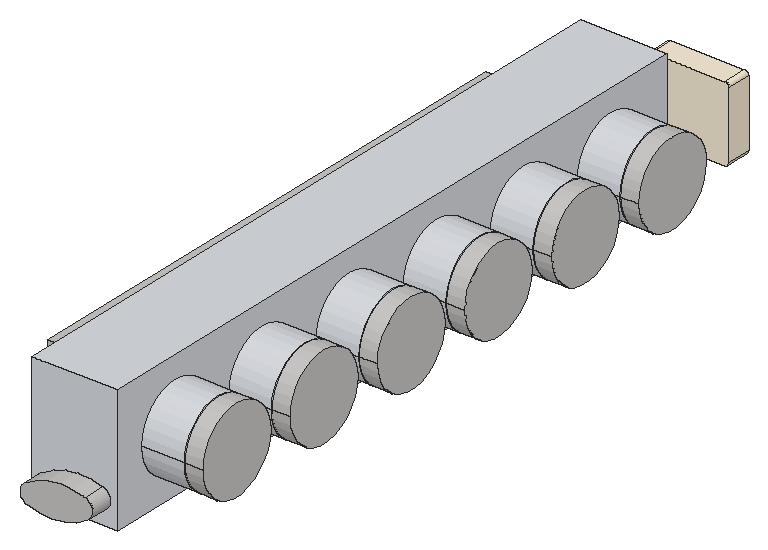
Revit family "HVAC_Ductwork_Airzone_Motorized-Plenum_Galletti_Standard_6-Dampers", category Mechanical Equipment, Revit 2016
Family settings
  Part Type = Normal
  Round Connector Dimension = Use Diameter
  OmniClass Number = 23.75.70.14
  OmniClass Title = Air Ductwork
  Work Plane-Based = No
  Always vertical = Yes
  Cut with Voids When Loaded = No
  Shared = No
  Room Calculation Point = No
Parameters (values of type "GALST01L6")
  Voltage = 230 V
  URL = "www.airzone.es"
  Type Image Comments = "Image available in product documentation download"  # constant formula
  Revit Model Version = "1.0"  # constant formula
  Revit Model Author URL = "www.a3d.es"
  Revit Model Author = "A3D Consulting"  # constant formula
  Product Documentation Download URL = "http://doc.airzone.es/BIM/Easyzone/Galleti-Airzone_motorized_plenum.zip"
  Product Comments = "Refer to technical documentation for further details"  # constant formula
  Power Factor = 1
  Neck Width = 1307.600 mm
  Neck Length = 95.000 mm
  Neck Height = 116.600 mm
  Material = Metal - AIRZONE - Galvanized Sheet - Semi-polished
  Main Control Board Material = Plastic - AIRZONE - Smooth - Off-white
  Load Classification = Other
  Insulated Body Width = 205.000 mm  # constant formula
  Insulated Body Material = Metal -AIRZONE - Insulating Lining -Aluminum Finish
  Insulated Body Length = 1638.600 mm  # constant formula
  Insulated Body Height = 300.000 mm  # constant formula
  Flow [instance] = Damper 6 Air Flow + Damper 5 Air Flow + Damper 4 Air Flow + Damper 3 Air Flow + Damper 2 Air Flow + Damper 1 Air Flow - Fresh Air Inlet 2 Flow - Fresh Air Inlet 1 Flow  # 1800 m³/h
  Fresh Air Inlet 1 Flow [instance] = 0 m³/h
  Fresh Air Inlet 2 Flow [instance] = 0 m³/h
  Fresh Air Inlet Connection Width = 175.000 mm
  Fresh Air Inlet Connection Height = 75.000 mm
  Model = "GALST01L6"
  Neck Side Offset = 165.500 mm
  Neck Bottom Offset = 112.700 mm
  Type Image = <None>
  Manufacturer = "AIRZONE"  # constant formula
  Main Control Board Depth = 57.000 mm  # constant formula
  Main Control Board Width = 195.000 mm  # constant formula
  Main Control Board Height = 180.000 mm  # constant formula
  Fixing = ""
  Disclaimer = "All information provided in this model is reviewed before being published. However, Airzone cannot guarantee this model is error-free, therefore users are strongly encouraged to check for technical documentation and updates"  # constant formula
  Description = "Airzone standard motorized plenum with neck that mechanically adapts to the main ducted AC units of Galletti."
  Type Comments = ""
  Dampers Length = 149.000 mm  # constant formula
  Dampers Diameter = 200.000 mm  # constant formula
  Damper 6 Air Flow [instance] = 300 m³/h
  Damper 5 Air Flow [instance] = 300 m³/h
  Damper 4 Air Flow [instance] = 300 m³/h
  Damper 1 Air Flow [instance] = 300 m³/h
  Damper 2 Air Flow [instance] = 300 m³/h
  Damper 3 Air Flow [instance] = 300 m³/h
  Fresh Air Inlet Connection Offset Height = 48.305 mm  # constant formula
  Compatible Accesories = ""
  Apparent Load = 57.5 VA
Reference planes
  plane 1 "Center (Front/Back)": y = 0
  plane 2 "Center (Elevation)": z = 0
  plane 3 "Center (Left/Right)": x = 0
  plane 4 "Neck Back": y = 653.8
  plane 5 "Neck Front": y = -653.8
  plane 6 "Neck Top": z = 58.3
  plane 7 "Neck Bottom": z = -58.3
  plane 8 "Left": x = 95
  plane 9 "Bottom": z = -171
  plane 10 "Top": z = 129
  plane 11 "Front": y = -819.3
  plane 12 "Back": y = 819.3
  plane 13 "Right": x = 300
  plane 14 "Dampers Front": x = 449
  plane 15 "Dampers Center (Elevation)": z = -21
  plane 16 "Damper3": y = 130
  plane 17 "Damper2": y = 390
  plane 18 "Damper1": y = 650
  plane 19 "Middle": y = 0
  plane 20 "FreshAir Center (Elevation)": z = -122.695
  plane 21 "FreshAir1": y = 871.8
  plane 22 "FreshAir2": y = -871.8
  plane 23 "Dampers Lining": x = 404
  plane 24 "FreshAir Vertical Axis": x = 195.83
  plane 25 "ConnectionBox Side": x = 254
  plane 26 "Main Control Board Center (Left/Right)": x = 351.5
  plane 27 "Damper4": y = -130
  plane 28 "Damper5": y = -390
  plane 29 "Damper6": y = -650
Forms (mm)
  Extrusion 1, solid, material "Metal - AIRZONE - Galvanized Sheet - Semi-polished" <- "Material"
    sketch origin (0, 0, 0) x (0, 1, 0) y (0, 0, 1)
      loop
        line (-653.8, 58.3) -> (-653.8, -58.3) -> (653.8, -58.3) -> (653.8, 58.3) -> (-653.8, 58.3)
    from 0 to 95
  Extrusion 2, solid, material "Metal -AIRZONE - Insulating Lining -Aluminum Finish" <- "Insulated Body Material"
    sketch origin (95, 0, 0) x (0, 1, 0) y (0, 0, 1)
      loop
        line (-819.3, 129) -> (-819.3, -171) -> (819.3, -171) -> (819.3, 129) -> (-819.3, 129)
    from 0 to 205
  Extrusion 3, solid, material "Metal - AIRZONE - Galvanized Sheet - Semi-polished" <- "Material"
    sketch origin (300, 0, 0) x (0, 1, 0) y (0, 0, 1)
      loop
        circle (130, -21) r 100
    from 104 to 149
  Extrusion 4, solid, material "Metal - AIRZONE - Galvanized Sheet - Semi-polished" <- "Material"
    sketch origin (300, 0, 0) x (0, 1, 0) y (0, 0, 1)
      loop
        circle (390, -21) r 100
    from 104 to 149
  Extrusion 5, solid, material "Metal - AIRZONE - Galvanized Sheet - Semi-polished" <- "Material"
    sketch origin (300, 0, 0) x (0, 1, 0) y (0, 0, 1)
      loop
        circle (650, -21) r 100
    from 104 to 149
  Extrusion 6, solid, material "Metal - AIRZONE - Galvanized Sheet - Semi-polished" <- "Material"
    sketch origin (0, -819.3, 0) x (0, 0, 1) y (1, 0, 0)
      loop
        arc (-90.141, 265.204) -> (-111.608, 282.105) -> (-136.312, 270.434) r 25.96
        arc (-136.312, 270.434) -> (-162.302, 200.598) -> (-154.849, 126.456) r 164.67
        arc (-154.849, 126.456) -> (-133.665, 109.589) -> (-108.994, 120.751) r 25.96
        arc (-108.994, 120.751) -> (-82.725, 190.78) -> (-90.141, 265.204) r 164.67
    from 0 to -52.5
  Extrusion 7, solid, material "Metal - AIRZONE - Galvanized Sheet - Semi-polished" <- "Material"
    sketch origin (0, 819.3, 0) x (0, 0, 1) y (1, 0, 0)
      loop
        arc (-90.141, 265.204) -> (-111.325, 282.071) -> (-135.996, 270.909) r 25.96
        arc (-135.996, 270.909) -> (-162.179, 201.53) -> (-155.267, 127.699) r 164.67
        arc (-155.267, 127.699) -> (-134.032, 109.637) -> (-108.678, 121.226) r 25.96
        arc (-108.678, 121.226) -> (-82.688, 191.062) -> (-90.141, 265.204) r 164.67
    from 0 to 52.5
  Extrusion 8, solid, material "Metal -AIRZONE - Insulating Lining -Aluminum Finish" <- "Insulated Body Material"
    sketch origin (300, 0, 0) x (0, 1, 0) y (0, 0, 1)
      loop
        circle (650, -21) r 100
    from 0 to 104
  Extrusion 9, solid, material "Metal -AIRZONE - Insulating Lining -Aluminum Finish" <- "Insulated Body Material"
    sketch origin (300, -260, 0) x (0, 1, 0) y (0, 0, 1)
      loop
        circle (650, -21) r 100
    from 0 to 104
  Extrusion 10, solid, material "Metal -AIRZONE - Insulating Lining -Aluminum Finish" <- "Insulated Body Material"
    sketch origin (300, -520, 0) x (0, 1, 0) y (0, 0, 1)
      loop
        circle (650, -21) r 100
    from 0 to 104
  Extrusion 11, solid, material "Metal - AIRZONE - Galvanized Sheet - Semi-polished" <- "Material"
    sketch origin (300, -190, 0) x (0, 1, 0) y (0, 0, 1)
      loop
        circle (60, -21) r 100
    from 104 to 149
  Extrusion 12, solid, material "Metal -AIRZONE - Insulating Lining -Aluminum Finish" <- "Insulated Body Material"
    sketch origin (300, -710, 0) x (0, 1, 0) y (0, 0, 1)
      loop
        circle (580, -21) r 100
    from 0 to 104
  Extrusion 13, solid, material "Metal -AIRZONE - Insulating Lining -Aluminum Finish" <- "Insulated Body Material"
    sketch origin (300, -970, 0) x (0, 1, 0) y (0, 0, 1)
      loop
        circle (580, -21) r 100
    from 0 to 104
  Extrusion 14, solid, material "Metal - AIRZONE - Galvanized Sheet - Semi-polished" <- "Material"
    sketch origin (300, -450, 0) x (0, 1, 0) y (0, 0, 1)
      loop
        circle (60, -21) r 100
    from 104 to 149
  Extrusion 15, solid, material "Metal -AIRZONE - Insulating Lining -Aluminum Finish" <- "Insulated Body Material"
    sketch origin (300, -1230, 0) x (0, 1, 0) y (0, 0, 1)
      loop
        circle (580, -21) r 100
    from 0 to 104
  Extrusion 16, solid, material "Metal - AIRZONE - Galvanized Sheet - Semi-polished" <- "Material"
    sketch origin (300, -710, 0) x (0, 1, 0) y (0, 0, 1)
      loop
        circle (60, -21) r 100
    from 104 to 149
Lines and regions (mm)
  Masking region 1
    outline origin (0, 0, 0) x (1, 0, 0) y (0, 1, 0)
      loop
        line (95, 819.3) -> (95, -819.3) -> (300, -819.3) -> (300, 819.3) -> (95, 819.3)
  Masking region 2, detail levels medium+fine
    outline origin (0, 0, 0) x (1, 0, 0) y (0, 1, 0)
      loop
        line (0, 653.8) -> (0, -653.8) -> (95, -653.8) -> (95, 653.8) -> (0, 653.8)
  Masking region 3, detail levels medium+fine
    outline origin (0, 0, 0) x (1, 0, 0) y (0, 1, 0)
      loop
        line (300, 230) -> (300, 30) -> (449, 30) -> (449, 230) -> (300, 230)
  Masking region 4, detail levels medium+fine
    outline origin (0, 260, 0) x (1, 0, 0) y (0, 1, 0)
      loop
        line (300, 230) -> (300, 30) -> (449, 30) -> (449, 230) -> (300, 230)
  Masking region 5, detail levels medium+fine
    outline origin (0, 520, 0) x (1, 0, 0) y (0, 1, 0)
      loop
        line (300, 230) -> (300, 30) -> (449, 30) -> (449, 230) -> (300, 230)
  Masking region 6, detail levels medium+fine
    outline origin (0, 0, -122.695) x (1, 0, 0) y (0, 1, 0)
      loop
        line (108.33, 871.8) -> (108.33, 819.3) -> (283.33, 819.3) -> (283.33, 871.8) -> (108.33, 871.8)
  Masking region 7, detail levels medium+fine
    outline origin (0, 0, -122.695) x (1, 0, 0) y (0, 1, 0)
      loop
        line (108.33, -819.3) -> (108.33, -871.8) -> (283.33, -871.8) -> (283.33, -819.3) -> (108.33, -819.3)
  Masking region 8, detail levels medium+fine
    outline origin (0, 0, 129) x (0, -1, 0) y (1, 0, 0)
      loop
        line (-876.3, 254) -> (-819.3, 254) -> (-819.3, 449) -> (-876.3, 449) -> (-876.3, 254)
  Masking region 9, detail levels medium+fine
    outline origin (0, -190, 0) x (1, 0, 0) y (0, 1, 0)
      loop
        line (300, 160) -> (300, -40) -> (449, -40) -> (449, 160) -> (300, 160)
  Masking region 10, detail levels medium+fine
    outline origin (0, -450, 0) x (1, 0, 0) y (0, 1, 0)
      loop
        line (300, 160) -> (300, -40) -> (449, -40) -> (449, 160) -> (300, 160)
  Masking region 11, detail levels medium+fine
    outline origin (0, -710, 0) x (1, 0, 0) y (0, 1, 0)
      loop
        line (300, 160) -> (300, -40) -> (449, -40) -> (449, 160) -> (300, 160)
  symbolic lines, detail levels coarse
    curve 1: line (95, -819.3, 0) -> (300, 130, 0)
    curve 2: line (300, 130, 0) -> (95, 819.3, 0)
Dimensions and locks
  equal spacing: plane 4 "Neck Back", plane 1 "Center (Front/Back)", plane 5 "Neck Front"
  "Neck Width": plane 4 "Neck Back" to plane 5 "Neck Front"
  equal spacing: plane 6 "Neck Top", level, plane 7 "Neck Bottom"
  "Neck Height": plane 6 "Neck Top" to plane 7 "Neck Bottom"
  "Neck Length": plane 3 "Center (Left/Right)" to plane 8 "Left"
  "Neck Bottom Offset": plane 7 "Neck Bottom" to plane 9 "Bottom"
  "Insulated Body Height": plane 10 "Top" to plane 9 "Bottom"
  "Insulated Body Length": plane 12 "Back" to plane 11 "Front"
  "Insulated Body Width": plane 8 "Left" to plane 13 "Right"
  "Dampers Length": plane 13 "Right" to plane 14 "Dampers Front"
  equal spacing: plane 10 "Top", plane 15 "Dampers Center (Elevation)", plane 9 "Bottom"
  equal spacing: plane 12 "Back", plane 19 "Middle", plane 11 "Front"
  plane 8 "Left" to plane 13 "Right" = 205.000 mm
  "Fresh Air Inlet Connection Offset Height": plane 20 "FreshAir Center (Elevation)" to plane 9 "Bottom"
  locked: Extrusion 6 sketch curve to plane 9 "Bottom" at 56.47
  locked: plane 13 "Right" to Extrusion 6 sketch curve at 43.69
  locked: plane 13 "Right" to Extrusion 6 sketch curve at 164.65
  locked: Extrusion 6 sketch curve to plane 9 "Bottom" at 40.54
  locked: plane 13 "Right" to Extrusion 6 sketch curve at 87.91
  locked: plane 9 "Bottom" to Extrusion 6 sketch curve at 75.01
  locked: plane 13 "Right" to Extrusion 6 sketch curve at 120.43
  locked: Extrusion 6 sketch curve to plane 9 "Bottom" at 172.02
  locked: plane 13 "Right" to Extrusion 7 sketch curve at 43.69
  locked: Extrusion 7 sketch curve to plane 9 "Bottom" at 56.47
  locked: Extrusion 7 sketch curve to plane 9 "Bottom" at 40.54
  locked: plane 13 "Right" to Extrusion 7 sketch curve at 164.65
  locked: plane 13 "Right" to Extrusion 7 sketch curve at 120.43
  locked: Extrusion 7 sketch curve to plane 9 "Bottom" at 172.02
  locked: plane 9 "Bottom" to Extrusion 7 sketch curve at 75.01
  locked: plane 13 "Right" to Extrusion 7 sketch curve at 87.91
  "Neck Side Offset": plane 12 "Back" to plane 4 "Neck Back"
  locked: plane 21 "FreshAir1" to plane 12 "Back" at 52.5
  plane 11 "Front" to plane 22 "FreshAir2" = 52.500 mm
  locked: connector elem to plane 13 "Right" at 104.17
  locked: plane 20 "FreshAir Center (Elevation)" to connector elem
  locked: plane 13 "Right" to connector elem at 104.17
  locked: connector elem to plane 20 "FreshAir Center (Elevation)"
  locked: plane 23 "Dampers Lining" to plane 14 "Dampers Front" at 45
  locked: plane 24 "FreshAir Vertical Axis" to plane 13 "Right" at 104.17
  equal spacing: Masking region 3 sketch curve, plane 16 "Damper3", Masking region 3 sketch curve
  "Dampers Diameter": Masking region 3 sketch curve to Masking region 3 sketch curve
  "Dampers Diameter": Masking region 4 sketch curve to Masking region 4 sketch curve
  equal spacing: Masking region 5 sketch curve, plane 18 "Damper1", Masking region 5 sketch curve
  "Dampers Diameter": Masking region 5 sketch curve to Masking region 5 sketch curve
  equal spacing: Masking region 6 sketch curve, plane 24 "FreshAir Vertical Axis", Masking region 6 sketch curve
  "Fresh Air Inlet Connection Width": Masking region 6 sketch curve to Masking region 6 sketch curve
  equal spacing: Masking region 7 sketch curve, plane 24 "FreshAir Vertical Axis", Masking region 7 sketch curve
  "Fresh Air Inlet Connection Width": Masking region 7 sketch curve to Masking region 7 sketch curve
  "Main Control Board Depth": Masking region 8 sketch curve to plane 12 "Back"
  "Main Control Board Width": plane 25 "ConnectionBox Side" to plane 14 "Dampers Front"
  equal spacing: plane 25 "ConnectionBox Side", plane 26 "Main Control Board Center (Left/Right)", plane 14 "Dampers Front"
  locked: nested 1 to plane 10 "Top" at 10
  equal spacing: Masking region 4 sketch curve, plane 17 "Damper2", Masking region 4 sketch curve
  equal spacing: Masking region 9 sketch curve, plane 27 "Damper4", Masking region 9 sketch curve
  "Dampers Diameter": Masking region 9 sketch curve to Masking region 9 sketch curve
  plane 18 "Damper1" to plane 17 "Damper2" to plane 16 "Damper3" to plane 27 "Damper4" to plane 28 "Damper5" to plane 29 "Damper6" = 260.000 mm locked, 260.000 mm locked, 260.000 mm locked, 260.000 mm locked, 260.000 mm locked
  locked: plane 16 "Damper3" to plane 19 "Middle" at 130
  equal spacing: Masking region 10 sketch curve, plane 28 "Damper5", Masking region 10 sketch curve
  "Dampers Diameter": Masking region 10 sketch curve to Masking region 10 sketch curve
  equal spacing: Masking region 11 sketch curve, plane 29 "Damper6", Masking region 11 sketch curve
  "Dampers Diameter": Masking region 11 sketch curve to Masking region 11 sketch curve
  "Dampers Diameter": diameter of Extrusion 3 sketch curve
  "Dampers Diameter": diameter of Extrusion 4 sketch curve
  "Dampers Diameter": diameter of Extrusion 5 sketch curve
  radius of Extrusion 7 sketch curve = 164.670 mm  (x2)
  radius of Extrusion 7 sketch curve = 25.960 mm  (x2)
  radius of Extrusion 6 sketch curve = 164.670 mm  (x2)
  radius of Extrusion 6 sketch curve = 25.960 mm  (x2)
  "Dampers Diameter": diameter of Extrusion 8 sketch curve
  "Dampers Diameter": diameter of Extrusion 9 sketch curve
  "Dampers Diameter": diameter of Extrusion 10 sketch curve
  "Dampers Diameter": diameter of Extrusion 11 sketch curve
  "Dampers Diameter": diameter of Extrusion 12 sketch curve
  "Dampers Diameter": diameter of Extrusion 13 sketch curve
  "Dampers Diameter": diameter of Extrusion 14 sketch curve
  "Dampers Diameter": diameter of Extrusion 15 sketch curve
  "Dampers Diameter": diameter of Extrusion 16 sketch curve
  aligned and locked: level to plane 2 "Center (Elevation)"
  aligned and locked: plane 5 "Neck Front" to Extrusion 1 sketch curve
  aligned and locked: Extrusion 1 sketch curve to plane 6 "Neck Top"
  aligned and locked: Extrusion 1 sketch curve to plane 4 "Neck Back"
  aligned and locked: plane 7 "Neck Bottom" to Extrusion 1 sketch curve
  aligned and locked: Extrusion 1 to plane 3 "Center (Left/Right)"
  aligned and locked: Extrusion 2 sketch curve to plane 10 "Top"
  aligned and locked: Extrusion 2 sketch curve to plane 12 "Back"
  aligned and locked: Extrusion 2 sketch curve to plane 9 "Bottom"
  aligned and locked: plane 11 "Front" to Extrusion 2 sketch curve
  aligned and locked: Extrusion 2 to plane 13 "Right"
  aligned and locked: Extrusion 2 to plane 8 "Left"
  aligned and locked: plane 16 "Damper3" to Extrusion 3 sketch curve
  aligned and locked: plane 15 "Dampers Center (Elevation)" to Extrusion 3 sketch curve
  aligned and locked: plane 15 "Dampers Center (Elevation)" to Extrusion 4 sketch curve
  aligned and locked: plane 18 "Damper1" to Extrusion 5 sketch curve
  aligned and locked: plane 15 "Dampers Center (Elevation)" to Extrusion 5 sketch curve
  aligned and locked: plane 14 "Dampers Front" to Extrusion 5
  aligned and locked: plane 14 "Dampers Front" to Extrusion 4
  aligned and locked: plane 14 "Dampers Front" to Extrusion 3
  aligned and locked: plane 8 "Left" to Extrusion 1
  aligned and locked: plane 22 "FreshAir2" to Extrusion 6
  aligned and locked: plane 21 "FreshAir1" to Extrusion 7
  aligned and locked: Extrusion 7 to plane 12 "Back"
  aligned and locked: plane 11 "Front" to Extrusion 6
  aligned and locked: Extrusion 5 to plane 23 "Dampers Lining"
  aligned and locked: Extrusion 5 to Extrusion 4
  aligned and locked: Extrusion 4 to Extrusion 3
  aligned and locked: plane 23 "Dampers Lining" to Extrusion 8
  aligned and locked: Extrusion 10 to plane 13 "Right"
  aligned and locked: plane 23 "Dampers Lining" to Extrusion 10
  aligned and locked: Extrusion 9 to plane 13 "Right"
  aligned and locked: plane 23 "Dampers Lining" to Extrusion 9
  aligned and locked: Extrusion 8 to plane 13 "Right"
  aligned and locked: Extrusion 9 to Extrusion 8
  aligned and locked: plane 18 "Damper1" to Extrusion 8 sketch curve
  aligned and locked: plane 15 "Dampers Center (Elevation)" to Extrusion 8 sketch curve
  aligned and locked: plane 15 "Dampers Center (Elevation)" to Extrusion 9 sketch curve
  aligned and locked: plane 16 "Damper3" to Extrusion 10 sketch curve
  aligned and locked: plane 15 "Dampers Center (Elevation)" to Extrusion 10 sketch curve
  aligned and locked: Masking region 1 sketch curve to plane 12 "Back"
  aligned and locked: Masking region 1 sketch curve to plane 8 "Left"
  aligned and locked: Masking region 1 sketch curve to plane 13 "Right"
  aligned and locked: plane 11 "Front" to Masking region 1 sketch curve
  aligned and locked: plane 5 "Neck Front" to Masking region 2 sketch curve
  aligned and locked: plane 3 "Center (Left/Right)" to Masking region 2 sketch curve
  aligned and locked: Masking region 2 sketch curve to plane 4 "Neck Back"
  aligned and locked: Masking region 2 sketch curve to plane 8 "Left"
  aligned and locked: plane 13 "Right" to Masking region 3 sketch curve
  aligned and locked: Masking region 3 sketch curve to plane 14 "Dampers Front"
  aligned and locked: plane 13 "Right" to Masking region 4 sketch curve
  aligned and locked: Masking region 4 sketch curve to plane 14 "Dampers Front"
  aligned and locked: plane 13 "Right" to Masking region 5 sketch curve
  aligned and locked: Masking region 5 sketch curve to plane 14 "Dampers Front"
  aligned and locked: plane 12 "Back" to Masking region 6 sketch curve
  aligned and locked: Masking region 6 sketch curve to plane 21 "FreshAir1"
  aligned and locked: Masking region 7 sketch curve to plane 11 "Front"
  aligned and locked: Masking region 7 sketch curve to plane 22 "FreshAir2"
  aligned and locked: plane 12 "Back" to Masking region 8 sketch curve
  aligned and locked: Masking region 8 sketch curve to plane 14 "Dampers Front"
  aligned and locked: plane 25 "ConnectionBox Side" to Masking region 8 sketch curve
  aligned and locked: plane 17 "Damper2" to Extrusion 9 sketch curve
  aligned and locked: plane 17 "Damper2" to Extrusion 4 sketch curve
  aligned and locked: Masking region 9 sketch curve to plane 14 "Dampers Front"
  aligned and locked: plane 13 "Right" to Masking region 9 sketch curve
  aligned and locked: Extrusion 12 to plane 13 "Right"
  aligned and locked: plane 23 "Dampers Lining" to Extrusion 12
  aligned and locked: Extrusion 11 to plane 23 "Dampers Lining"
  aligned and locked: plane 14 "Dampers Front" to Extrusion 11
  aligned and locked: plane 15 "Dampers Center (Elevation)" to Extrusion 12 sketch curve
  aligned and locked: plane 27 "Damper4" to Extrusion 12 sketch curve
  aligned and locked: plane 15 "Dampers Center (Elevation)" to Extrusion 11 sketch curve
  aligned and locked: plane 27 "Damper4" to Extrusion 11 sketch curve
  aligned and locked: Masking region 10 sketch curve to plane 14 "Dampers Front"
  aligned and locked: plane 13 "Right" to Masking region 10 sketch curve
  aligned and locked: plane 28 "Damper5" to Extrusion 13 sketch curve
  aligned and locked: plane 15 "Dampers Center (Elevation)" to Extrusion 13 sketch curve
  aligned and locked: Extrusion 14 to plane 23 "Dampers Lining"
  aligned and locked: plane 14 "Dampers Front" to Extrusion 14
  aligned and locked: plane 15 "Dampers Center (Elevation)" to Extrusion 14 sketch curve
  aligned and locked: plane 28 "Damper5" to Extrusion 14 sketch curve
  aligned and locked: Masking region 11 sketch curve to plane 14 "Dampers Front"
  aligned and locked: plane 13 "Right" to Masking region 11 sketch curve
  aligned and locked: Extrusion 15 to plane 13 "Right"
  aligned and locked: plane 23 "Dampers Lining" to Extrusion 15
  aligned and locked: plane 29 "Damper6" to Extrusion 15 sketch curve
  aligned and locked: plane 15 "Dampers Center (Elevation)" to Extrusion 15 sketch curve
  aligned and locked: plane 14 "Dampers Front" to Extrusion 16
  aligned and locked: Extrusion 16 to plane 23 "Dampers Lining"
  aligned and locked: plane 15 "Dampers Center (Elevation)" to Extrusion 16 sketch curve
  aligned and locked: plane 29 "Damper6" to Extrusion 16 sketch curve
  aligned and locked: nested 1 to plane 26 "Main Control Board Center (Left/Right)"
Automatic sketch dimensions
  curve 2 to plane 8 "Left" = 0.000 mm
  curve 1 to plane 8 "Left" = 0.000 mm
  curve 2 to plane 13 "Right" = 0.000 mm
  curve 1 to plane 11 "Front" = 0.000 mm
  curve 2 to plane 16 "Damper3" = 0.000 mm
  curve 2 to plane 12 "Back" = 0.000 mm
Nested families
  nested 1: "Airzone_Main-Control-Board" at (351.5, 819.3, 29) x (-1, 0, 0) z (0, 1, 0), Extrusion <- "Main Control Board Depth", Height <- "Main Control Board Height", Width <- "Main Control Board Width", Material <- "Main Control Board Material", type "Standard"
    with Width 195.000 mm, Material Plastic - AIRZONE - Smooth - Off-white, Height 180.000 mm, Extrusion 57.000 mm
Connectors
  hvac at (449, 130, -21), driven by "Damper 3 Air Flow", driven by "Dampers Diameter"
    settings: on Extrusion 3, index 1, duct flow 300 m³/h, flow factor 0, pres drop 0.0 Pa, loss coef 0, conn angle 0.00°, conn width 304.8 mm, conn height 304.8 mm, conn diameter 200 mm, duct sys type 1, conn prof type 0, flow config 0, flow direction 2, loss method 0, conn ref index -1, conn util no, is conn primary no, conn desc "Supply Air Out 3"
  hvac at (449, 390, -21), driven by "Damper 2 Air Flow", driven by "Dampers Diameter"
    settings: on Extrusion 4, index 2, duct flow 300 m³/h, flow factor 0, pres drop 0.0 Pa, loss coef 0, conn angle 0.00°, conn width 304.8 mm, conn height 304.8 mm, conn diameter 200 mm, duct sys type 1, conn prof type 0, flow config 0, flow direction 2, loss method 0, conn ref index -1, conn util no, is conn primary no, conn desc "Supply Air Out 2"
  hvac at (449, 650, -21), driven by "Damper 1 Air Flow", driven by "Dampers Diameter"
    settings: on Extrusion 5, index 3, duct flow 300 m³/h, flow factor 0, pres drop 0.0 Pa, loss coef 0, conn angle 0.00°, conn width 304.8 mm, conn height 304.8 mm, conn diameter 200 mm, duct sys type 1, conn prof type 0, flow config 0, flow direction 2, loss method 0, conn ref index -1, conn util no, is conn primary no, conn desc "Supply Air Out 1"
  hvac at (0, 0, 0), driven by "Flow", driven by "Neck Height", driven by "Neck Width"
    settings: on Extrusion 1, index 6, duct flow 1800 m³/h, flow factor 0, pres drop 0.0 Pa, loss coef 0, conn angle 0.00°, conn width 1307.6 mm, conn height 116.6 mm, conn diameter 609.6 mm, duct sys type 1, conn prof type 1, flow config 1, flow direction 1, loss method 0, conn ref index -1, conn util no, is conn primary yes, conn desc "Supply Air In"
  hvac at (195.83, -871.8, -122.695), driven by "Fresh Air Inlet 2 Flow", driven by "Fresh Air Inlet Connection Width", driven by "Fresh Air Inlet Connection Height"
    settings: index 7, duct flow 0 m³/h, flow factor 0, pres drop 0.0 Pa, loss coef 0, conn angle 0.00°, conn width 175 mm, conn height 75 mm, conn diameter 609.6 mm, duct sys type 1, conn prof type 2, flow config 1, flow direction 1, loss method 0, conn ref index -1, conn util no, is conn primary no, conn desc "Fresh Air In 2"
  hvac at (195.83, 871.8, -122.695), driven by "Fresh Air Inlet 1 Flow", driven by "Fresh Air Inlet Connection Height", driven by "Fresh Air Inlet Connection Width"
    settings: index 8, duct flow 0 m³/h, flow factor 0, pres drop 0.0 Pa, loss coef 0, conn angle 0.00°, conn width 175 mm, conn height 75 mm, conn diameter 609.6 mm, duct sys type 1, conn prof type 2, flow config 1, flow direction 1, loss method 0, conn ref index -1, conn util no, is conn primary no, conn desc "Fresh Air In 1"
  hvac at (449, -130, -21), driven by "Damper 4 Air Flow", driven by "Dampers Diameter"
    settings: on Extrusion 11, index 9, duct flow 300 m³/h, flow factor 0, pres drop 0.0 Pa, loss coef 0, conn angle 0.00°, conn width 304.8 mm, conn height 304.8 mm, conn diameter 200 mm, duct sys type 1, conn prof type 0, flow config 0, flow direction 2, loss method 0, conn ref index -1, conn util no, is conn primary no, conn desc "Supply Air Out 4"
  hvac at (449, -390, -21), driven by "Damper 5 Air Flow", driven by "Dampers Diameter"
    settings: on Extrusion 14, index 10, duct flow 300 m³/h, flow factor 0, pres drop 0.0 Pa, loss coef 0, conn angle 0.00°, conn width 304.8 mm, conn height 304.8 mm, conn diameter 200 mm, duct sys type 1, conn prof type 0, flow config 0, flow direction 2, loss method 0, conn ref index -1, conn util no, is conn primary no, conn desc "Supply Air Out 5"
  hvac at (449, -650, -21), driven by "Damper 6 Air Flow", driven by "Dampers Diameter"
    settings: on Extrusion 16, index 11, duct flow 300 m³/h, flow factor 0, pres drop 0.0 Pa, loss coef 0, conn angle 0.00°, conn width 304.8 mm, conn height 304.8 mm, conn diameter 200 mm, duct sys type 1, conn prof type 0, flow config 0, flow direction 2, loss method 0, conn ref index -1, conn util no, is conn primary no, conn desc "Supply Air Out 6"
  electrical at (351.5, 876.3, 29), driven by "Load Classification", driven by "Voltage", driven by "Apparent Load", driven by "Power Factor"
    settings: on nested 1, index 12, voltage 230 V, apparent load 57.5 VA, apparent load phase1 0 VA, apparent load phase2 0 VA, apparent load phase3 0 VA, power factor 1, load classification "Other", number of poles 1, system type 30, power factor state 1, is connector primary yes, connector utility no, sub classification motor no, connector description "Power Supply"
Definition of nested family "Airzone_Main-Control-Board"
  Parameters (values of type "Standard")
    Width [instance] = 195.000 mm
    URL = "www.airzone.es"
    Revit Model Version = "1.0"  # constant formula
    Revit Model Author URL = "www.a3d.es"
    Revit Model Author = "A3D Consulting"  # constant formula
    Material [instance] = none
    Manufacturer = "AIRZONE"  # constant formula
    Height [instance] = 180.000 mm
    Extrusion [instance] = 57.000 mm
    Default Elevation = 0.000 mm
  Reference planes
    plane 1 "Center (Front/Back)": y = 0
    plane 2: z = 0
    plane 3 "Center (Left/Right)": x = 0
    plane 4: y = 90
    plane 5: y = -90
    plane 6: x = 97.5
    plane 7: x = -97.5
  Forms (mm)
    Extrusion 1, solid, material <- "Material"
      sketch origin (0, 0, 0) x (1, 0, 0) y (0, 1, 0)
        loop
          arc (-87.5, 90) -> (-94.571, 87.071) -> (-97.5, 80) r 10
          line (-97.5, 80) -> (-97.5, -80)
          arc (-97.5, -80) -> (-94.571, -87.071) -> (-87.5, -90) r 10
          line (-87.5, -90) -> (87.5, -90)
          arc (87.5, -90) -> (94.571, -87.071) -> (97.5, -80) r 10
          line (97.5, -80) -> (97.5, 80)
          arc (97.5, 80) -> (94.571, 87.071) -> (87.5, 90) r 10
          line (87.5, 90) -> (-87.5, 90)
      from 0 to 57 <- "Extrusion"
  Dimensions and locks
    equal spacing: plane 7, plane 3 "Center (Left/Right)", plane 6
    equal spacing: plane 4, plane 1 "Center (Front/Back)", plane 5
    "Width": plane 7 to plane 6
    "Height": plane 4 to plane 5
    radius of Extrusion 1 sketch curve = 10.000 mm  (x4)
    aligned and locked: level to plane 2
    aligned and locked: plane 5 to Extrusion 1 sketch curve
    aligned and locked: Extrusion 1 sketch curve to plane 6
    aligned and locked: Extrusion 1 sketch curve to plane 4
    aligned and locked: plane 7 to Extrusion 1 sketch curve
